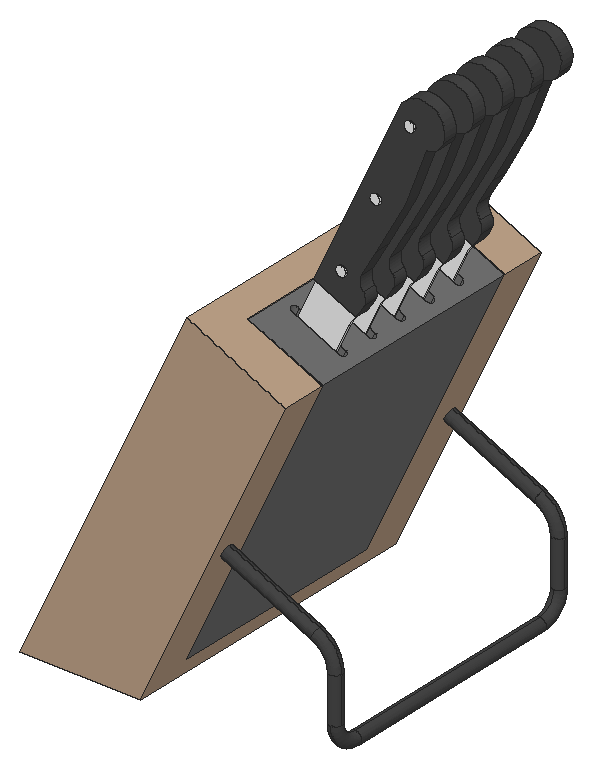
Revit family "Blks_Coz_Faqueiro de Mesa", category Modelos genéricos, Revit 2019
Family settings
  Pode hospedar o vergalhão = Não
  Cota do conector redondo = Utilizar diâmetro
  Tipo de parte = Normal
  Número OmniClass = 23.40.20.00
  Título OmniClass = General Furniture and Specialties
  Com base no plano de trabalho = Sim
  Sempre na vertical = Sim
  Corte com vazios quando carregada = Não
  Compartilhado = Não
  Ponto de cálculo do ambiente = Não
Parameters (values of type "Unico")
  data = ""
  Suporte Faca [instance] = Blks - Metal - Grey
  Estrutura [instance] = Blks - Wood - Birch
  Default Elevation = 121.92 cm
  Created By / Criado Por / Creado por = "Blocks Revit"  # constant formula
  Cabo Faca [instance] = Blks - Plastic - Black
  Author URL = "https://blocksrevit.com"
  Author Contact = "contato@blocksrevit.com"  # constant formula
  Faca 05 [instance] = yes
  Faca 04 [instance] = yes
  Faca 03 [instance] = yes
  Faca 02 [instance] = yes
  Faca 01 [instance] = yes
Reference planes (cm)
  plane 1 "Centro (Frente/Trás)": y = 0
  plane 2: z = 0
  plane 3 "Centro (Esquerda/Direita)": x = 0
Forms (cm)
  Extrusion 1, solid, material "Blks - Wood - Birch" <- "Estrutura"
    sketch origin (15.5452, -8.7131, 0) x (-1, 0, 0) y (0, 0, 1)
      loop
        line (24.7112, 0) -> (15.5452, 19.6566) -> (10.1073, 17.1209) -> (18.0909, 0) -> (24.7112, 0)
    from 0 to 17.5
  Extrusion 2, void
    sketch origin (0, -8.7131, 19.6566) x (0.906308, 0, -0.422618) y (0, 1, 0)
      loop
        line (6, 2.5) -> (6, 15) -> (1.5, 15) -> (1.5, 2.5) -> (6, 2.5)
    from 0 to -17.8321
  Extrusion 3, solid, material "Blks - Metal - Grey" <- "Suporte Faca"
    sketch origin (0, -8.7131, 19.6566) x (0.906308, 0, -0.422618) y (0, 1, 0)
      loop
        line (1.5, 2.5) -> (6, 2.5) -> (6, 15) -> (1.5, 15) -> (1.5, 2.5)
      loop
        line (2.3133, 4.5788) -> (5.1514, 4.5788)
        arc (5.1514, 4.5788) -> (5.4014, 4.8288) -> (5.1514, 5.0788) r 0.25
        line (5.1514, 5.0788) -> (2.3133, 5.0788)
        arc (2.3133, 5.0788) -> (2.0633, 4.8288) -> (2.3133, 4.5788) r 0.25
      loop
        line (2.3133, 6.5788) -> (5.1514, 6.5788)
        arc (5.1514, 6.5788) -> (5.4014, 6.8288) -> (5.1514, 7.0788) r 0.25
        line (5.1514, 7.0788) -> (2.3133, 7.0788)
        arc (2.3133, 7.0788) -> (2.0633, 6.8288) -> (2.3133, 6.5788) r 0.25
      loop
        line (2.3133, 8.5788) -> (5.1514, 8.5788)
        arc (5.1514, 8.5788) -> (5.4014, 8.8288) -> (5.1514, 9.0788) r 0.25
        line (5.1514, 9.0788) -> (2.3133, 9.0788)
        arc (2.3133, 9.0788) -> (2.0633, 8.8288) -> (2.3133, 8.5788) r 0.25
      loop
        line (2.3133, 10.5788) -> (5.1514, 10.5788)
        arc (5.1514, 10.5788) -> (5.4014, 10.8288) -> (5.1514, 11.0788) r 0.25
        line (5.1514, 11.0788) -> (2.3133, 11.0788)
        arc (2.3133, 11.0788) -> (2.0633, 10.8288) -> (2.3133, 10.5788) r 0.25
      loop
        line (2.3133, 12.5788) -> (5.1514, 12.5788)
        arc (5.1514, 12.5788) -> (5.4014, 12.8288) -> (5.1514, 13.0788) r 0.25
        line (5.1514, 13.0788) -> (2.3133, 13.0788)
        arc (2.3133, 13.0788) -> (2.0633, 12.8288) -> (2.3133, 12.5788) r 0.25
    from 0 to -17.8321
  Extrusion 4, solid, material "Blks - Plastic - Black" <- "Cabo Faca", visible <- "Faca 01"
    sketch origin (16.7137, -4.2499, 0) x (-1, 0, 0) y (0, 0, 1)
      loop
        line (10.9882, 19.7691) -> (13.3069, 20.8503) -> (8.5924, 30.9607)
        arc (8.5924, 30.9607) -> (6.924, 31.6179) -> (6.1803, 29.9862) r 1.3025
        arc (6.1803, 29.9862) -> (6.3314, 29.7137) -> (6.5665, 29.5093) r 0.897
        arc (6.5665, 29.5093) -> (6.8391, 29.4122) -> (7.1027, 29.2927) r 3.4878
        arc (7.1027, 29.2927) -> (8.2729, 26.2524) -> (9.8497, 23.4017) r 23.6538
        arc (9.8497, 23.4017) -> (10.277, 22.7031) -> (10.6684, 21.9837) r 16.1963
        arc (10.6684, 21.9837) -> (10.7504, 21.5637) -> (10.5967, 21.1644) r 0.7738
        arc (10.5967, 21.1644) -> (10.466, 20.8418) -> (10.5148, 20.4971) r 0.6702
        arc (10.5148, 20.4971) -> (10.7199, 20.1126) -> (10.9882, 19.7691) r 2.5173
    from 0 to 0.75
  Extrusion 5, solid, material "Blks - Metal - Aluminium - Brushed - Small", visible <- "Faca 01"
    sketch origin (16.7137, -3.9218, 0) x (-1, 0, 0) y (0, 0, 1)
      loop
        line (13.3069, 20.8503) -> (10.9882, 19.7691)
        arc (10.9882, 19.7691) -> (11.3596, 19.407) -> (11.6337, 18.9667) r 2.156
        line (11.6337, 18.9667) -> (17.1758, 7.0817)
        arc (17.1758, 7.0817) -> (18.8692, 5.0133) -> (21.2545, 3.8067) r 6.4654
        line (21.2545, 3.8067) -> (13.3069, 20.8503)
    from 0 to 0.1
  Extrusion 6, solid, material "Blks - Metal - Aluminium - Brushed - Small", visible <- "Faca 01"
    sketch origin (16.7137, -3.4999, 0) x (-1, 0, 0) y (0, 0, 1)
      loop
        circle (11.7659, 21.7663) r 0.2707
      loop
        circle (9.889, 25.982) r 0.2707
      loop
        circle (8.0087, 30.2051) r 0.2707
    from 0 to 0.08
  Extrusion 7, solid, material "Blks - Plastic - Black" <- "Cabo Faca", visible <- "Faca 02"
    sketch origin (16.7137, -2.2499, 0) x (-1, 0, 0) y (0, 0, 1)
      loop
        line (10.9882, 19.7691) -> (13.3069, 20.8503) -> (8.5924, 30.9607)
        arc (8.5924, 30.9607) -> (6.924, 31.6179) -> (6.1803, 29.9862) r 1.3025
        arc (6.1803, 29.9862) -> (6.3314, 29.7137) -> (6.5665, 29.5093) r 0.897
        arc (6.5665, 29.5093) -> (6.8391, 29.4122) -> (7.1027, 29.2927) r 3.4878
        arc (7.1027, 29.2927) -> (8.2729, 26.2524) -> (9.8497, 23.4017) r 23.6538
        arc (9.8497, 23.4017) -> (10.277, 22.7031) -> (10.6684, 21.9837) r 16.1963
        arc (10.6684, 21.9837) -> (10.7504, 21.5637) -> (10.5967, 21.1644) r 0.7738
        arc (10.5967, 21.1644) -> (10.466, 20.8418) -> (10.5148, 20.4971) r 0.6702
        arc (10.5148, 20.4971) -> (10.7199, 20.1126) -> (10.9882, 19.7691) r 2.5173
    from 0 to 0.75
  Extrusion 8, solid, material "Blks - Metal - Aluminium - Brushed - Small", visible <- "Faca 02"
    sketch origin (16.7137, -1.9218, 0) x (-1, 0, 0) y (0, 0, 1)
      loop
        line (13.3069, 20.8503) -> (10.9882, 19.7691)
        arc (10.9882, 19.7691) -> (11.3596, 19.407) -> (11.6337, 18.9667) r 2.156
        line (11.6337, 18.9667) -> (17.1758, 7.0817)
        arc (17.1758, 7.0817) -> (18.8692, 5.0133) -> (21.2545, 3.8067) r 6.4654
        line (21.2545, 3.8067) -> (13.3069, 20.8503)
    from 0 to 0.1
  Extrusion 9, solid, material "Blks - Metal - Aluminium - Brushed - Small", visible <- "Faca 02"
    sketch origin (16.7137, -1.4999, 0) x (-1, 0, 0) y (0, 0, 1)
      loop
        circle (11.7659, 21.7663) r 0.2707
      loop
        circle (9.889, 25.982) r 0.2707
      loop
        circle (8.0087, 30.2051) r 0.2707
    from 0 to 0.08
  Extrusion 10, solid, material "Blks - Plastic - Black" <- "Cabo Faca", visible <- "Faca 03"
    sketch origin (16.7137, -0.2499, 0) x (-1, 0, 0) y (0, 0, 1)
      loop
        line (10.9882, 19.7691) -> (13.3069, 20.8503) -> (8.5924, 30.9607)
        arc (8.5924, 30.9607) -> (6.924, 31.6179) -> (6.1803, 29.9862) r 1.3025
        arc (6.1803, 29.9862) -> (6.3314, 29.7137) -> (6.5665, 29.5093) r 0.897
        arc (6.5665, 29.5093) -> (6.8391, 29.4122) -> (7.1027, 29.2927) r 3.4878
        arc (7.1027, 29.2927) -> (8.2729, 26.2524) -> (9.8497, 23.4017) r 23.6538
        arc (9.8497, 23.4017) -> (10.277, 22.7031) -> (10.6684, 21.9837) r 16.1963
        arc (10.6684, 21.9837) -> (10.7504, 21.5637) -> (10.5967, 21.1644) r 0.7738
        arc (10.5967, 21.1644) -> (10.466, 20.8418) -> (10.5148, 20.4971) r 0.6702
        arc (10.5148, 20.4971) -> (10.7199, 20.1126) -> (10.9882, 19.7691) r 2.5173
    from 0 to 0.75
  Extrusion 11, solid, material "Blks - Metal - Aluminium - Brushed - Small", visible <- "Faca 03"
    sketch origin (16.7137, 0.0782, 0) x (-1, 0, 0) y (0, 0, 1)
      loop
        line (13.3069, 20.8503) -> (10.9882, 19.7691)
        arc (10.9882, 19.7691) -> (11.3596, 19.407) -> (11.6337, 18.9667) r 2.156
        line (11.6337, 18.9667) -> (17.1758, 7.0817)
        arc (17.1758, 7.0817) -> (18.8692, 5.0133) -> (21.2545, 3.8067) r 6.4654
        line (21.2545, 3.8067) -> (13.3069, 20.8503)
    from 0 to 0.1
  Extrusion 12, solid, material "Blks - Metal - Aluminium - Brushed - Small", visible <- "Faca 03"
    sketch origin (16.7137, 0.5001, 0) x (-1, 0, 0) y (0, 0, 1)
      loop
        circle (11.7659, 21.7663) r 0.2707
      loop
        circle (9.889, 25.982) r 0.2707
      loop
        circle (8.0087, 30.2051) r 0.2707
    from 0 to 0.08
  Extrusion 13, solid, material "Blks - Plastic - Black" <- "Cabo Faca", visible <- "Faca 04"
    sketch origin (16.7137, 1.7501, 0) x (-1, 0, 0) y (0, 0, 1)
      loop
        line (10.9882, 19.7691) -> (13.3069, 20.8503) -> (8.5924, 30.9607)
        arc (8.5924, 30.9607) -> (6.924, 31.6179) -> (6.1803, 29.9862) r 1.3025
        arc (6.1803, 29.9862) -> (6.3314, 29.7137) -> (6.5665, 29.5093) r 0.897
        arc (6.5665, 29.5093) -> (6.8391, 29.4122) -> (7.1027, 29.2927) r 3.4878
        arc (7.1027, 29.2927) -> (8.2729, 26.2524) -> (9.8497, 23.4017) r 23.6538
        arc (9.8497, 23.4017) -> (10.277, 22.7031) -> (10.6684, 21.9837) r 16.1963
        arc (10.6684, 21.9837) -> (10.7504, 21.5637) -> (10.5967, 21.1644) r 0.7738
        arc (10.5967, 21.1644) -> (10.466, 20.8418) -> (10.5148, 20.4971) r 0.6702
        arc (10.5148, 20.4971) -> (10.7199, 20.1126) -> (10.9882, 19.7691) r 2.5173
    from 0 to 0.75
  Extrusion 14, solid, material "Blks - Metal - Aluminium - Brushed - Small", visible <- "Faca 04"
    sketch origin (16.7137, 2.0782, 0) x (-1, 0, 0) y (0, 0, 1)
      loop
        line (13.3069, 20.8503) -> (10.9882, 19.7691)
        arc (10.9882, 19.7691) -> (11.3596, 19.407) -> (11.6337, 18.9667) r 2.156
        line (11.6337, 18.9667) -> (17.1758, 7.0817)
        arc (17.1758, 7.0817) -> (18.8692, 5.0133) -> (21.2545, 3.8067) r 6.4654
        line (21.2545, 3.8067) -> (13.3069, 20.8503)
    from 0 to 0.1
  Extrusion 15, solid, material "Blks - Metal - Aluminium - Brushed - Small", visible <- "Faca 04"
    sketch origin (16.7137, 2.5001, 0) x (-1, 0, 0) y (0, 0, 1)
      loop
        circle (11.7659, 21.7663) r 0.2707
      loop
        circle (9.889, 25.982) r 0.2707
      loop
        circle (8.0087, 30.2051) r 0.2707
    from 0 to 0.08
  Extrusion 16, solid, material "Blks - Plastic - Black" <- "Cabo Faca", visible <- "Faca 05"
    sketch origin (16.7137, 3.7501, 0) x (-1, 0, 0) y (0, 0, 1)
      loop
        line (10.9882, 19.7691) -> (13.3069, 20.8503) -> (8.5924, 30.9607)
        arc (8.5924, 30.9607) -> (6.924, 31.6179) -> (6.1803, 29.9862) r 1.3025
        arc (6.1803, 29.9862) -> (6.3314, 29.7137) -> (6.5665, 29.5093) r 0.897
        arc (6.5665, 29.5093) -> (6.8391, 29.4122) -> (7.1027, 29.2927) r 3.4878
        arc (7.1027, 29.2927) -> (8.2729, 26.2524) -> (9.8497, 23.4017) r 23.6538
        arc (9.8497, 23.4017) -> (10.277, 22.7031) -> (10.6684, 21.9837) r 16.1963
        arc (10.6684, 21.9837) -> (10.7504, 21.5637) -> (10.5967, 21.1644) r 0.7738
        arc (10.5967, 21.1644) -> (10.466, 20.8418) -> (10.5148, 20.4971) r 0.6702
        arc (10.5148, 20.4971) -> (10.7199, 20.1126) -> (10.9882, 19.7691) r 2.5173
    from 0 to 0.75
  Extrusion 17, solid, material "Blks - Metal - Aluminium - Brushed - Small", visible <- "Faca 05"
    sketch origin (16.7137, 4.0782, 0) x (-1, 0, 0) y (0, 0, 1)
      loop
        line (13.3069, 20.8503) -> (10.9882, 19.7691)
        arc (10.9882, 19.7691) -> (11.3596, 19.407) -> (11.6337, 18.9667) r 2.156
        line (11.6337, 18.9667) -> (17.1758, 7.0817)
        arc (17.1758, 7.0817) -> (18.8692, 5.0133) -> (21.2545, 3.8067) r 6.4654
        line (21.2545, 3.8067) -> (13.3069, 20.8503)
    from 0 to 0.1
  Extrusion 18, solid, material "Blks - Metal - Aluminium - Brushed - Small", visible <- "Faca 05"
    sketch origin (16.7137, 4.5001, 0) x (-1, 0, 0) y (0, 0, 1)
      loop
        circle (11.7659, 21.7663) r 0.2707
      loop
        circle (9.889, 25.982) r 0.2707
      loop
        circle (8.0087, 30.2051) r 0.2707
    from 0 to 0.08
  Extrusion 19, solid, material "Blks - Metal - Aluminium - Brushed - Small", visible <- "Faca 02"
    sketch origin (16.7137, -2.2437, 0) x (-1, 0, 0) y (0, 0, -1)
      loop
        circle (11.7659, -21.7663) r 0.2707
      loop
        circle (9.889, -25.982) r 0.2707
      loop
        circle (8.0087, -30.2051) r 0.2707
    from 0 to 0.08
  Extrusion 20, solid, material "Blks - Metal - Aluminium - Brushed - Small", visible <- "Faca 01"
    sketch origin (16.7137, -4.2437, 0) x (-1, 0, 0) y (0, 0, -1)
      loop
        circle (11.7659, -21.7663) r 0.2707
      loop
        circle (9.889, -25.982) r 0.2707
      loop
        circle (8.0087, -30.2051) r 0.2707
    from 0 to 0.08
  Extrusion 21, solid, material "Blks - Metal - Aluminium - Brushed - Small", visible <- "Faca 03"
    sketch origin (16.7137, -0.2499, 0) x (-1, 0, 0) y (0, 0, -1)
      loop
        circle (11.7659, -21.7663) r 0.2707
      loop
        circle (9.889, -25.982) r 0.2707
      loop
        circle (8.0087, -30.2051) r 0.2707
    from 0 to 0.08
  Extrusion 22, solid, material "Blks - Metal - Aluminium - Brushed - Small", visible <- "Faca 04"
    sketch origin (16.7137, 1.7563, 0) x (-1, 0, 0) y (0, 0, -1)
      loop
        circle (11.7659, -21.7663) r 0.2707
      loop
        circle (9.889, -25.982) r 0.2707
      loop
        circle (8.0087, -30.2051) r 0.2707
    from 0 to 0.08
  Extrusion 23, solid, material "Blks - Metal - Aluminium - Brushed - Small", visible <- "Faca 05"
    sketch origin (16.7137, 3.7501, 0) x (-1, 0, 0) y (0, 0, -1)
      loop
        circle (11.7659, -21.7663) r 0.2707
      loop
        circle (9.889, -25.982) r 0.2707
      loop
        circle (8.0087, -30.2051) r 0.2707
    from 0 to 0.08
  Extrusion 24, solid, material "Blks - Plastic - Black" <- "Cabo Faca", visible <- "Faca 01", not visible
    sketch origin (-19.4182, 4.3249, 0) x (1, 0, 0) y (0, 0, 1)
      loop
        line (10.9882, 19.7691) -> (13.3069, 20.8503) -> (8.5924, 30.9607)
        arc (8.5924, 30.9607) -> (6.924, 31.6179) -> (6.1803, 29.9862) r 1.3025
        arc (6.1803, 29.9862) -> (6.3314, 29.7137) -> (6.5665, 29.5093) r 0.897
        arc (6.5665, 29.5093) -> (6.8391, 29.4122) -> (7.1027, 29.2927) r 3.4878
        arc (7.1027, 29.2927) -> (8.2729, 26.2524) -> (9.8497, 23.4017) r 23.6538
        arc (9.8497, 23.4017) -> (10.277, 22.7031) -> (10.6684, 21.9837) r 16.1963
        arc (10.6684, 21.9837) -> (10.7504, 21.5637) -> (10.5967, 21.1644) r 0.7738
        arc (10.5967, 21.1644) -> (10.466, 20.8418) -> (10.5148, 20.4971) r 0.6702
        arc (10.5148, 20.4971) -> (10.7199, 20.1126) -> (10.9882, 19.7691) r 2.5173
    from 0 to 0.75
  Extrusion 25, solid, material "Blks - Metal - Aluminium - Brushed - Small", visible <- "Faca 01", not visible
    sketch origin (-19.4182, 3.9968, 0) x (1, 0, 0) y (0, 0, 1)
      loop
        line (13.3069, 20.8503) -> (10.9882, 19.7691)
        arc (10.9882, 19.7691) -> (11.3596, 19.407) -> (11.6337, 18.9667) r 2.156
        line (11.6337, 18.9667) -> (17.1758, 7.0817)
        arc (17.1758, 7.0817) -> (18.8692, 5.0133) -> (21.2545, 3.8067) r 6.4654
        line (21.2545, 3.8067) -> (13.3069, 20.8503)
    from 0 to 0.1
  Extrusion 26, solid, material "Blks - Metal - Aluminium - Brushed - Small", visible <- "Faca 01", not visible
    sketch origin (-19.4182, 3.5749, 0) x (1, 0, 0) y (0, 0, 1)
      loop
        circle (11.7659, 21.7663) r 0.2707
      loop
        circle (9.889, 25.982) r 0.2707
      loop
        circle (8.0087, 30.2051) r 0.2707
    from 0 to 0.08
  Extrusion 27, solid, material "Blks - Plastic - Black" <- "Cabo Faca", visible <- "Faca 02", not visible
    sketch origin (-19.4182, 2.3249, 0) x (1, 0, 0) y (0, 0, 1)
      loop
        line (10.9882, 19.7691) -> (13.3069, 20.8503) -> (8.5924, 30.9607)
        arc (8.5924, 30.9607) -> (6.924, 31.6179) -> (6.1803, 29.9862) r 1.3025
        arc (6.1803, 29.9862) -> (6.3314, 29.7137) -> (6.5665, 29.5093) r 0.897
        arc (6.5665, 29.5093) -> (6.8391, 29.4122) -> (7.1027, 29.2927) r 3.4878
        arc (7.1027, 29.2927) -> (8.2729, 26.2524) -> (9.8497, 23.4017) r 23.6538
        arc (9.8497, 23.4017) -> (10.277, 22.7031) -> (10.6684, 21.9837) r 16.1963
        arc (10.6684, 21.9837) -> (10.7504, 21.5637) -> (10.5967, 21.1644) r 0.7738
        arc (10.5967, 21.1644) -> (10.466, 20.8418) -> (10.5148, 20.4971) r 0.6702
        arc (10.5148, 20.4971) -> (10.7199, 20.1126) -> (10.9882, 19.7691) r 2.5173
    from 0 to 0.75
  Extrusion 28, solid, material "Blks - Metal - Aluminium - Brushed - Small", visible <- "Faca 02", not visible
    sketch origin (-19.4182, 1.9968, 0) x (1, 0, 0) y (0, 0, 1)
      loop
        line (13.3069, 20.8503) -> (10.9882, 19.7691)
        arc (10.9882, 19.7691) -> (11.3596, 19.407) -> (11.6337, 18.9667) r 2.156
        line (11.6337, 18.9667) -> (17.1758, 7.0817)
        arc (17.1758, 7.0817) -> (18.8692, 5.0133) -> (21.2545, 3.8067) r 6.4654
        line (21.2545, 3.8067) -> (13.3069, 20.8503)
    from 0 to 0.1
  Extrusion 29, solid, material "Blks - Metal - Aluminium - Brushed - Small", visible <- "Faca 02", not visible
    sketch origin (-19.4182, 1.5749, 0) x (1, 0, 0) y (0, 0, 1)
      loop
        circle (11.7659, 21.7663) r 0.2707
      loop
        circle (9.889, 25.982) r 0.2707
      loop
        circle (8.0087, 30.2051) r 0.2707
    from 0 to 0.08
  Extrusion 30, solid, material "Blks - Plastic - Black" <- "Cabo Faca", visible <- "Faca 03", not visible
    sketch origin (-19.4182, 0.3249, 0) x (1, 0, 0) y (0, 0, 1)
      loop
        line (10.9882, 19.7691) -> (13.3069, 20.8503) -> (8.5924, 30.9607)
        arc (8.5924, 30.9607) -> (6.924, 31.6179) -> (6.1803, 29.9862) r 1.3025
        arc (6.1803, 29.9862) -> (6.3314, 29.7137) -> (6.5665, 29.5093) r 0.897
        arc (6.5665, 29.5093) -> (6.8391, 29.4122) -> (7.1027, 29.2927) r 3.4878
        arc (7.1027, 29.2927) -> (8.2729, 26.2524) -> (9.8497, 23.4017) r 23.6538
        arc (9.8497, 23.4017) -> (10.277, 22.7031) -> (10.6684, 21.9837) r 16.1963
        arc (10.6684, 21.9837) -> (10.7504, 21.5637) -> (10.5967, 21.1644) r 0.7738
        arc (10.5967, 21.1644) -> (10.466, 20.8418) -> (10.5148, 20.4971) r 0.6702
        arc (10.5148, 20.4971) -> (10.7199, 20.1126) -> (10.9882, 19.7691) r 2.5173
    from 0 to 0.75
  Extrusion 31, solid, material "Blks - Metal - Aluminium - Brushed - Small", visible <- "Faca 03", not visible
    sketch origin (-19.4182, -0.0032, 0) x (1, 0, 0) y (0, 0, 1)
      loop
        line (13.3069, 20.8503) -> (10.9882, 19.7691)
        arc (10.9882, 19.7691) -> (11.3596, 19.407) -> (11.6337, 18.9667) r 2.156
        line (11.6337, 18.9667) -> (17.1758, 7.0817)
        arc (17.1758, 7.0817) -> (18.8692, 5.0133) -> (21.2545, 3.8067) r 6.4654
        line (21.2545, 3.8067) -> (13.3069, 20.8503)
    from 0 to 0.1
  Extrusion 32, solid, material "Blks - Metal - Aluminium - Brushed - Small", visible <- "Faca 03", not visible
    sketch origin (-19.4182, -0.4251, 0) x (1, 0, 0) y (0, 0, 1)
      loop
        circle (11.7659, 21.7663) r 0.2707
      loop
        circle (9.889, 25.982) r 0.2707
      loop
        circle (8.0087, 30.2051) r 0.2707
    from 0 to 0.08
  Extrusion 33, solid, material "Blks - Plastic - Black" <- "Cabo Faca", visible <- "Faca 04", not visible
    sketch origin (-19.4182, -1.6751, 0) x (1, 0, 0) y (0, 0, 1)
      loop
        line (10.9882, 19.7691) -> (13.3069, 20.8503) -> (8.5924, 30.9607)
        arc (8.5924, 30.9607) -> (6.924, 31.6179) -> (6.1803, 29.9862) r 1.3025
        arc (6.1803, 29.9862) -> (6.3314, 29.7137) -> (6.5665, 29.5093) r 0.897
        arc (6.5665, 29.5093) -> (6.8391, 29.4122) -> (7.1027, 29.2927) r 3.4878
        arc (7.1027, 29.2927) -> (8.2729, 26.2524) -> (9.8497, 23.4017) r 23.6538
        arc (9.8497, 23.4017) -> (10.277, 22.7031) -> (10.6684, 21.9837) r 16.1963
        arc (10.6684, 21.9837) -> (10.7504, 21.5637) -> (10.5967, 21.1644) r 0.7738
        arc (10.5967, 21.1644) -> (10.466, 20.8418) -> (10.5148, 20.4971) r 0.6702
        arc (10.5148, 20.4971) -> (10.7199, 20.1126) -> (10.9882, 19.7691) r 2.5173
    from 0 to 0.75
  Extrusion 34, solid, material "Blks - Metal - Aluminium - Brushed - Small", visible <- "Faca 04", not visible
    sketch origin (-19.4182, -2.0032, 0) x (1, 0, 0) y (0, 0, 1)
      loop
        line (13.3069, 20.8503) -> (10.9882, 19.7691)
        arc (10.9882, 19.7691) -> (11.3596, 19.407) -> (11.6337, 18.9667) r 2.156
        line (11.6337, 18.9667) -> (17.1758, 7.0817)
        arc (17.1758, 7.0817) -> (18.8692, 5.0133) -> (21.2545, 3.8067) r 6.4654
        line (21.2545, 3.8067) -> (13.3069, 20.8503)
    from 0 to 0.1
  Extrusion 35, solid, material "Blks - Metal - Aluminium - Brushed - Small", visible <- "Faca 04", not visible
    sketch origin (-19.4182, -2.4251, 0) x (1, 0, 0) y (0, 0, 1)
      loop
        circle (11.7659, 21.7663) r 0.2707
      loop
        circle (9.889, 25.982) r 0.2707
      loop
        circle (8.0087, 30.2051) r 0.2707
    from 0 to 0.08
  Extrusion 36, solid, material "Blks - Plastic - Black" <- "Cabo Faca", visible <- "Faca 05", not visible
    sketch origin (-19.4182, -3.6751, 0) x (1, 0, 0) y (0, 0, 1)
      loop
        line (10.9882, 19.7691) -> (13.3069, 20.8503) -> (8.5924, 30.9607)
        arc (8.5924, 30.9607) -> (6.924, 31.6179) -> (6.1803, 29.9862) r 1.3025
        arc (6.1803, 29.9862) -> (6.3314, 29.7137) -> (6.5665, 29.5093) r 0.897
        arc (6.5665, 29.5093) -> (6.8391, 29.4122) -> (7.1027, 29.2927) r 3.4878
        arc (7.1027, 29.2927) -> (8.2729, 26.2524) -> (9.8497, 23.4017) r 23.6538
        arc (9.8497, 23.4017) -> (10.277, 22.7031) -> (10.6684, 21.9837) r 16.1963
        arc (10.6684, 21.9837) -> (10.7504, 21.5637) -> (10.5967, 21.1644) r 0.7738
        arc (10.5967, 21.1644) -> (10.466, 20.8418) -> (10.5148, 20.4971) r 0.6702
        arc (10.5148, 20.4971) -> (10.7199, 20.1126) -> (10.9882, 19.7691) r 2.5173
    from 0 to 0.75
  Extrusion 37, solid, material "Blks - Metal - Aluminium - Brushed - Small", visible <- "Faca 05", not visible
    sketch origin (-19.4182, -4.0032, 0) x (1, 0, 0) y (0, 0, 1)
      loop
        line (13.3069, 20.8503) -> (10.9882, 19.7691)
        arc (10.9882, 19.7691) -> (11.3596, 19.407) -> (11.6337, 18.9667) r 2.156
        line (11.6337, 18.9667) -> (17.1758, 7.0817)
        arc (17.1758, 7.0817) -> (18.8692, 5.0133) -> (21.2545, 3.8067) r 6.4654
        line (21.2545, 3.8067) -> (13.3069, 20.8503)
    from 0 to 0.1
  Extrusion 38, solid, material "Blks - Metal - Aluminium - Brushed - Small", visible <- "Faca 05", not visible
    sketch origin (-19.4182, -4.4251, 0) x (1, 0, 0) y (0, 0, 1)
      loop
        circle (11.7659, 21.7663) r 0.2707
      loop
        circle (9.889, 25.982) r 0.2707
      loop
        circle (8.0087, 30.2051) r 0.2707
    from 0 to 0.08
  Extrusion 39, solid, material "Blks - Metal - Aluminium - Brushed - Small", visible <- "Faca 02", not visible
    sketch origin (-19.4182, 2.3186, 0) x (1, 0, 0) y (0, 0, -1)
      loop
        circle (11.7659, -21.7663) r 0.2707
      loop
        circle (9.889, -25.982) r 0.2707
      loop
        circle (8.0087, -30.2051) r 0.2707
    from 0 to 0.08
  Extrusion 40, solid, material "Blks - Metal - Aluminium - Brushed - Small", visible <- "Faca 01", not visible
    sketch origin (-19.4182, 4.3186, 0) x (1, 0, 0) y (0, 0, -1)
      loop
        circle (11.7659, -21.7663) r 0.2707
      loop
        circle (9.889, -25.982) r 0.2707
      loop
        circle (8.0087, -30.2051) r 0.2707
    from 0 to 0.08
  Extrusion 41, solid, material "Blks - Metal - Aluminium - Brushed - Small", visible <- "Faca 03", not visible
    sketch origin (-19.4182, 0.3249, 0) x (1, 0, 0) y (0, 0, -1)
      loop
        circle (11.7659, -21.7663) r 0.2707
      loop
        circle (9.889, -25.982) r 0.2707
      loop
        circle (8.0087, -30.2051) r 0.2707
    from 0 to 0.08
  Extrusion 42, solid, material "Blks - Metal - Aluminium - Brushed - Small", visible <- "Faca 04", not visible
    sketch origin (-19.4182, -1.6814, 0) x (1, 0, 0) y (0, 0, -1)
      loop
        circle (11.7659, -21.7663) r 0.2707
      loop
        circle (9.889, -25.982) r 0.2707
      loop
        circle (8.0087, -30.2051) r 0.2707
    from 0 to 0.08
  Extrusion 43, solid, material "Blks - Metal - Aluminium - Brushed - Small", visible <- "Faca 05", not visible
    sketch origin (-19.4182, -3.6751, 0) x (1, 0, 0) y (0, 0, -1)
      loop
        circle (11.7659, -21.7663) r 0.2707
      loop
        circle (9.889, -25.982) r 0.2707
      loop
        circle (8.0087, -30.2051) r 0.2707
    from 0 to 0.08
  Sweep 44, solid, material "Blks - Plastic - Black"
    path origin (17.2955, 7.7042, 0) x (-1, 0, 0) y (0, 0, 1)
      loop
        line (16.0129, 8.2099) -> (11.0282, 5.8855)
        arc (11.0282, 5.8855) -> (10.2948, 5.2557) -> (9.9955, 4.3365) r 1.7912
        line (9.9955, 4.3365) -> (9.9955, 1.8365)
    profile origin (3.7749, 7.7042, 7.0477) x (-0.422618, 0, -0.906308) y (0, 1, 0)
      loop
        circle (0, 0) r 0.35
  Sweep 45, solid, material "Blks - Plastic - Black"
    path origin (17.2955, -7.6305, 0) x (-1, 0, 0) y (0, 0, -1)
      loop
        line (16.0129, -8.2099) -> (11.0282, -5.8855)
        arc (11.0282, -5.8855) -> (10.2948, -5.2557) -> (9.9955, -4.3365) r 1.7912
        line (9.9955, -4.3365) -> (9.9955, -1.8365)
    profile origin (3.7749, -7.6305, 7.0477) x (0.422618, 0, 0.906308) y (0, -1, 0)
      loop
        circle (0, 0) r 0.35
  Sweep 46, solid, material "Blks - Plastic - Black"
    path origin (-2.7045, 0.0749, 0) x (0, -1, 0) y (0, 0, 1)
      loop
        arc (7.7054, 1.8365) -> (7.3194, 0.9047) -> (6.3877, 0.5188) r 1.3177
        line (6.3877, 0.5188) -> (-6.3115, 0.5188)
        arc (-6.3115, 0.5188) -> (-7.2433, 0.9047) -> (-7.6292, 1.8365) r 1.3177
    profile origin (-2.7045, 0.0369, 0.5188) x (0, 0, -1) y (-1, 0, 0)
      loop
        circle (0, -10.0045) r 0.35
Cuts and joins
  Extrusion 2 cuts Extrusion 1
Dimensions and locks (cm)
  aligned and locked: level to plane 2
